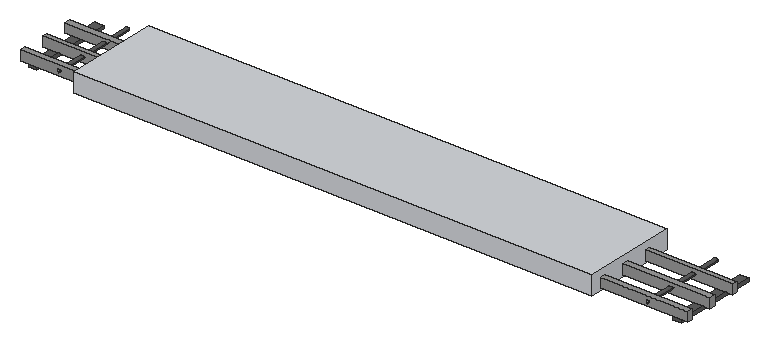
Revit family "1212-3, Solid", category Generic Models, host Face, Revit 2020
Family settings
  Host = Face
  Can host rebar = No
  Round Connector Dimension = Use Diameter
  Part Type = Normal
  Cut with Voids When Loaded = No
  Shared = No
  Room Calculation Point = No
Parameters
  min_value [instance] = 1' - 11 1/4"  # constant formula
  max_value [instance] = 11' - 11 1/4"  # constant formula
  actual_value [instance] = if(NET LENGTH < min_value, min_value, if(NET LENGTH > max_value, max_value, NET LENGTH))  # 7' - 11 1/4"
  NET LENGTH [instance] = 7' - 11 1/4"
  IMPORTANT NOTE!!!                                                                             *Backer & dowel layout is for visualization purposes only, final layout to be determined by 9Wood. [instance] = ""
  Default Elevation = 4' - 0"
  DOWEL RADIUS [instance] = 0' - 0 1/4"  # constant formula
  BACKING M MATERIAL [instance] = BLACK-BACKERS
  .. MEMBER WIDTH [instance] = 0' - 0 3/4"  # constant formula
  .. MEMBER MATERIAL [instance] = Solid Western Hemlock
  .. MEMBER DEPTH [instance] = 0' - 1 3/8"  # constant formula
  .. MEMBER COUNT [instance] = 3  # constant formula
Reference planes (in)
  plane 1 "Center (Front/Back)": y = 0
  plane 2: z = 2.726
  plane 3 "Center (Left/Right)": x = 0
Forms (in)
  Extrusion 1, solid
    sketch origin (15, -0.86619, -0.99308) x (0, 1, 0) y (-1, 0, 0)
      loop
        line (3.42869, -23.66817) -> (3.42869, 50.25) -> (-10, 50.25) -> (-10, -23.66817) -> (3.42869, -23.66817)
    from 3.71908 to 1.00111
Dimensions and locks (in)
  aligned and locked: plane 2 to Extrusion 1
Nested families (in)
  nested 1: "1200 Series" at (-44, -2, 1.87867), NET LENGTH <- "actual_value", DOWEL RADII <- "DOWEL RADIUS", .. MEMBER WIDTH <- ".. MEMBER WIDTH", .. MEMBER DEPTH <- ".. MEMBER DEPTH", .. MEMBER MATERIAL <- ".. MEMBER MATERIAL", BACKING M MATERIAL <- "BACKING M MATERIAL", .. MEMBER COUNT <- ".. MEMBER COUNT", type "1200 Series"
    with X 7' - 4", WIDTH 1' - 0 1/16", Space 0' - 0 11/16", START 0' - 0 3/8", SCRIM MATERIAL SCRIM, SCRIM 3 8' - 1", SCRIM 2 0' - 0 7/8", SCRIM 1 0' - 0 3/32", SCRIM yes, NET LENGTH 7' - 11 1/4", N 8, INSET 3 0' - 0 3/16", INSET 0' - 1", INDEX 0' - 5 5/8", END BACKER yes, DOWEL RADII 0' - 0 1/4", DOWEL COUNT 8, BACKING M WIDTH 0' - 1 1/4", BACKING M MATERIAL BLACK-BACKERS, BACKING M LENGTH 0' - 11 7/8", BACKING M DEPTH 0' - 0 1/2", .. MEMBER WIDTH 0' - 0 3/4", .. MEMBER OC TYP 0' - 4", .. MEMBER MATERIAL Solid Western Hemlock, .. MEMBER DEPTH 0' - 1 3/8", .. MEMBER COUNT 3
Definition of nested family "1200 Series"
  Parameters (values of type "1200 Series")
    X [instance] = NET LENGTH - (0' 3 5/8" * 2)  # 6' - 2"
    WIDTH [instance] = 1' - 0 1/16"
    Space [instance] = 0' - 0 11/16"  # constant formula
    START [instance] = .. MEMBER WIDTH / 2  # 0' - 0 3/8"
    SCRIM MATERIAL [instance] = none
    SCRIM 3 [instance] = NET LENGTH + (SCRIM 2 * 2)  # 6' - 11"
    SCRIM 2 [instance] = 0' - 0 7/8"
    SCRIM 1 [instance] = 0' - 0 3/32"
    SCRIM [instance] = yes
    NET LENGTH [instance] = 6' - 9 1/4"
    N [instance] = if((X - (rounddown(X / 1' 0") * 1' 0")) > 1' 0", rounddown(X / 1' 0") + 2, rounddown(X / 1' 0") + 1)  # 7
    INSET 3 [instance] = 0' - 0 3/16"
    INSET [instance] = 0' - 1"
    INDEX [instance] = (NET LENGTH - ((N - 1) * 1' 0")) / 2  # 0' - 4 5/8"
    END BACKER [instance] = yes
    Default Elevation = 0' - 0"
    DOWEL RADII [instance] = 0' - 0 1/4"
    DOWEL COUNT [instance] = N  # 7
    BACKING M WIDTH [instance] = 0' - 1 1/4"
    BACKING M MATERIAL [instance] = none
    BACKING M LENGTH [instance] = 0' - 11 7/8"
    BACKING M DEPTH [instance] = 0' - 0 1/2"
    .. MEMBER WIDTH [instance] = 0' - 0 3/4"
    .. MEMBER OC TYP [instance] = 1' 0" / .. MEMBER COUNT  # 0' - 3"
    .. MEMBER MATERIAL [instance] = none
    .. MEMBER DEPTH [instance] = 0' - 1 3/8"
    .. MEMBER COUNT [instance] = 4
  Reference planes (in)
    plane 1 "Center (Front/Back)": y = -7.5
    plane 2: z = 0
    plane 3 "Center (Left/Right)": x = 0
    plane 4: x = 1
    plane 5: x = 4.625
    plane 6: x = 81.25
    plane 7: x = 80.25
    plane 8: x = 16.625
    plane 9: y = -7.3125
    plane 10: y = -4.125
    plane 11: y = -7.125
    plane 12: y = 4.5625
    plane 13: y = -4.5
    plane 14: y = -7.59375
    plane 15: x = 82.125
    plane 16: y = 4.65625
    plane 17: x = -0.875
    plane 18: z = -1.375
    plane 19: z = -0.6875
  Lines and regions (in)
    model lines
      curve 1: line (4.375, -7.5, -0.6875) -> (4.875, -7.5, -0.6875)
    model lines, not visible
      curve 2: line (4.625, -7.5, -0.9375) -> (4.625, -7.5, -0.4375)
      curve 3: line (4.375, -7.5, -0.6875) -> (4.875, -7.5, -0.6875)
      curve 4: line (16.625, -7.5, -0.9375) -> (16.625, -7.5, -0.4375)
      curve 5: line (16.375, -7.5, -0.6875) -> (16.875, -7.5, -0.6875)
      curve 6: line (28.625, -7.5, -0.9375) -> (28.625, -7.5, -0.4375)
      curve 7: line (28.375, -7.5, -0.6875) -> (28.875, -7.5, -0.6875)
      curve 8: line (40.625, -7.5, -0.9375) -> (40.625, -7.5, -0.4375)
      curve 9: line (40.375, -7.5, -0.6875) -> (40.875, -7.5, -0.6875)
      curve 10: line (52.625, -7.5, -0.9375) -> (52.625, -7.5, -0.4375)
      curve 11: line (52.375, -7.5, -0.6875) -> (52.875, -7.5, -0.6875)
      curve 12: line (64.625, -7.5, -0.9375) -> (64.625, -7.5, -0.4375)
      curve 13: line (64.375, -7.5, -0.6875) -> (64.875, -7.5, -0.6875)
      curve 14: line (76.625, -7.5, -0.9375) -> (76.625, -7.5, -0.4375)
      curve 15: line (76.375, -7.5, -0.6875) -> (76.875, -7.5, -0.6875)
  Dimensions and locks (in)
    "NET LENGTH": plane 3 "Center (Left/Right)" to plane 6
    "INSET": plane 7 to plane 6
    "INDEX": plane 3 "Center (Left/Right)" to plane 5
    plane 5 to plane 8 = 1' - 0"
    "INSET 3": plane 1 "Center (Front/Back)" to plane 9
    equal spacing: group 1, group 2, group 3, group 4  (x3)
    "START": plane 11 to plane 1 "Center (Front/Back)"
    ".. MEMBER OC TYP": plane 10 to plane 11
    "WIDTH": plane 12 to plane 1 "Center (Front/Back)"
    "START": plane 10 to plane 13
    "SCRIM 1": plane 14 to plane 1 "Center (Front/Back)"
    "SCRIM 2": plane 6 to plane 15
    "SCRIM 1": plane 12 to plane 16
    "SCRIM 2": plane 17 to plane 3 "Center (Left/Right)"
    "INSET": plane 3 "Center (Left/Right)" to plane 4
    equal spacing: group 5, group 6, group 7, group 8, group 9, group 10, group 11  (x3)
    "Space": plane 19 to plane 18
    aligned and locked: level to plane 2
    aligned and locked: nested 1 to plane 4  (x2)
    aligned and locked: plane 7 to nested 2
    aligned and locked: plane 5 to nested 3
    aligned and locked: nested 1 to plane 9
    aligned and locked: plane 1 "Center (Front/Back)" to nested 4
    aligned and locked: plane 9 to nested 2
    aligned and locked: plane 13 to nested 5
    aligned and locked: nested 3 to plane 9
    aligned and locked: plane 18 to nested 1
    aligned and locked: plane 19 to nested 3
    aligned and locked: curve 1 to plane 19
    aligned and locked: plane 8 to curve 4
    aligned and locked: curve 5 to plane 19
    aligned and locked: nested 4 to plane 18
  Automatic sketch dimensions
    curve 1 to curve 1 = 0' - 0 1/2"
    curve 1 to plane 5 = 0' - 0 1/4"
    plane 5 to curve 1 = 0' - 0 1/4"
    curve 3 to curve 2 = 0' - 0 1/4"  (x2)
    curve 2 to curve 3 = 0' - 0 1/4"  (x2)
    curve 5 to curve 4 = 0' - 0 1/4"  (x2)
    curve 4 to curve 5 = 0' - 0 1/4"  (x2)
    curve 7 to curve 6 = 0' - 0 1/4"  (x2)
    curve 6 to curve 7 = 0' - 0 1/4"  (x2)
    curve 9 to curve 8 = 0' - 0 1/4"  (x2)
    curve 8 to curve 9 = 0' - 0 1/4"  (x2)
    curve 11 to curve 10 = 0' - 0 1/4"  (x2)
    curve 10 to curve 11 = 0' - 0 1/4"  (x2)
    curve 13 to curve 12 = 0' - 0 1/4"  (x2)
    curve 12 to curve 13 = 0' - 0 1/4"  (x2)
    curve 15 to curve 14 = 0' - 0 1/4"  (x2)
    curve 14 to curve 15 = 0' - 0 1/4"  (x2)
  Nested families (in)
    nested 1: "INSTANCE - 2ND -  EXTEND SIDE H CENTER W - Parametric Cube" at (1, -1.375, -1.375) x (0, -1, 0) z (0, 0, 1), Width <- "BACKING M LENGTH", Length <- "BACKING M WIDTH", Material <- "BACKING M MATERIAL", Height <- "BACKING M DEPTH", visible <- "END BACKER", type "INSTANCE - 2ND -  EXTEND SIDE H CENTER W - Parametric Cube"
      with Width 0' - 11 7/8", Material none, Length 0' - 1 1/4", Height 0' - 0 1/2"
    nested 2: "INSTANCE - 2ND -  EXTEND SIDE H CENTER W - Parametric Cube" at (80.25, -1.375, -1.375) x (0, -1, 0) z (0, 0, 1), Width <- "BACKING M LENGTH", Length <- "BACKING M WIDTH", Material <- "BACKING M MATERIAL", Height <- "BACKING M DEPTH", visible <- "END BACKER", type "INSTANCE - 2ND -  EXTEND SIDE H CENTER W - Parametric Cube"
      with Width 0' - 11 7/8", Material none, Length 0' - 1 1/4", Height 0' - 0 1/2"
    nested 3: "Family3" at (-5.375, -7.3125, -0.6875), DOWEL RADII <- "DOWEL RADII", BACKING MEM MATERIAL <- "BACKING M MATERIAL", type "Family3"
      with DOWEL RADII 0' - 0 1/4", DOWEL LENGTH 0' - 11 7/8", BACKING MEM MATERIAL none
    nested 4: "HOLED MEMBER" at (0, -18.75, 6.19404), DOWEL RADII <- "DOWEL RADII", .. MEMBER LENGTH <- "NET LENGTH", DOWEL COUNT <- "DOWEL COUNT", DEPTH <- ".. MEMBER DEPTH", .. MEMBER WIDTH <- ".. MEMBER WIDTH", Material <- ".. MEMBER MATERIAL", DOWEL INDEX <- "INDEX", Space 2 <- "Space", type "HOLED MEMBER"
      with Width 0' - 6", Space 2 0' - 0 11/16", Material none, Length 1' - 0", Height 0' - 10.43096", DOWEL RADII 0' - 0 1/4", DOWEL OC DIST 1' - 0", DOWEL INDEX 0' - 4 5/8", DOWEL COUNT 7, DEPTH 0' - 1 3/8", .. MEMBER WIDTH 0' - 0 3/4", .. MEMBER LENGTH 6' - 9 1/4"
    nested 5: "HOLED MEMBER" at (0, -15.75, 6.19404), DOWEL RADII <- "DOWEL RADII", .. MEMBER LENGTH <- "NET LENGTH", DOWEL COUNT <- "DOWEL COUNT", DEPTH <- ".. MEMBER DEPTH", .. MEMBER WIDTH <- ".. MEMBER WIDTH", Material <- ".. MEMBER MATERIAL", DOWEL INDEX <- "INDEX", Space 2 <- "Space", type "HOLED MEMBER"
      with Width 0' - 6", Space 2 0' - 0 11/16", Material none, Length 1' - 0", Height 0' - 10.43096", DOWEL RADII 0' - 0 1/4", DOWEL OC DIST 1' - 0", DOWEL INDEX 0' - 4 5/8", DOWEL COUNT 7, DEPTH 0' - 1 3/8", .. MEMBER WIDTH 0' - 0 3/4", .. MEMBER LENGTH 6' - 9 1/4"
    nested 6: "HOLED MEMBER" at (0, -12.75, 6.19404), DOWEL RADII <- "DOWEL RADII", .. MEMBER LENGTH <- "NET LENGTH", DOWEL COUNT <- "DOWEL COUNT", DEPTH <- ".. MEMBER DEPTH", .. MEMBER WIDTH <- ".. MEMBER WIDTH", Material <- ".. MEMBER MATERIAL", DOWEL INDEX <- "INDEX", Space 2 <- "Space", type "HOLED MEMBER"
      with Width 0' - 6", Space 2 0' - 0 11/16", Material none, Length 1' - 0", Height 0' - 10.43096", DOWEL RADII 0' - 0 1/4", DOWEL OC DIST 1' - 0", DOWEL INDEX 0' - 4 5/8", DOWEL COUNT 7, DEPTH 0' - 1 3/8", .. MEMBER WIDTH 0' - 0 3/4", .. MEMBER LENGTH 6' - 9 1/4"
    nested 7: "HOLED MEMBER" at (0, -9.75, 6.19404), DOWEL RADII <- "DOWEL RADII", .. MEMBER LENGTH <- "NET LENGTH", DOWEL COUNT <- "DOWEL COUNT", DEPTH <- ".. MEMBER DEPTH", .. MEMBER WIDTH <- ".. MEMBER WIDTH", Material <- ".. MEMBER MATERIAL", DOWEL INDEX <- "INDEX", Space 2 <- "Space", type "HOLED MEMBER"
      with Width 0' - 6", Space 2 0' - 0 11/16", Material none, Length 1' - 0", Height 0' - 10.43096", DOWEL RADII 0' - 0 1/4", DOWEL OC DIST 1' - 0", DOWEL INDEX 0' - 4 5/8", DOWEL COUNT 7, DEPTH 0' - 1 3/8", .. MEMBER WIDTH 0' - 0 3/4", .. MEMBER LENGTH 6' - 9 1/4"
    nested 8: "Family3" at (6.625, -7.3125, -0.6875), DOWEL RADII <- "DOWEL RADII", BACKING MEM MATERIAL <- "BACKING M MATERIAL", type "Family3"
      with DOWEL RADII 0' - 0 1/4", DOWEL LENGTH 0' - 11 7/8", BACKING MEM MATERIAL none
    nested 9: "Family3" at (18.625, -7.3125, -0.6875), DOWEL RADII <- "DOWEL RADII", BACKING MEM MATERIAL <- "BACKING M MATERIAL", type "Family3"
      with DOWEL RADII 0' - 0 1/4", DOWEL LENGTH 0' - 11 7/8", BACKING MEM MATERIAL none
    nested 10: "Family3" at (30.625, -7.3125, -0.6875), DOWEL RADII <- "DOWEL RADII", BACKING MEM MATERIAL <- "BACKING M MATERIAL", type "Family3"
      with DOWEL RADII 0' - 0 1/4", DOWEL LENGTH 0' - 11 7/8", BACKING MEM MATERIAL none
    nested 11: "Family3" at (42.625, -7.3125, -0.6875), DOWEL RADII <- "DOWEL RADII", BACKING MEM MATERIAL <- "BACKING M MATERIAL", type "Family3"
      with DOWEL RADII 0' - 0 1/4", DOWEL LENGTH 0' - 11 7/8", BACKING MEM MATERIAL none
    nested 12: "Family3" at (54.625, -7.3125, -0.6875), DOWEL RADII <- "DOWEL RADII", BACKING MEM MATERIAL <- "BACKING M MATERIAL", type "Family3"
      with DOWEL RADII 0' - 0 1/4", DOWEL LENGTH 0' - 11 7/8", BACKING MEM MATERIAL none
    nested 13: "Family3" at (66.625, -7.3125, -0.6875), DOWEL RADII <- "DOWEL RADII", BACKING MEM MATERIAL <- "BACKING M MATERIAL", type "Family3"
      with DOWEL RADII 0' - 0 1/4", DOWEL LENGTH 0' - 11 7/8", BACKING MEM MATERIAL none
  Definition of nested family "INSTANCE - 2ND -  EXTEND SIDE H CENTER W - Parametric Cube"
    Parameters (values of type "INSTANCE - 2ND -  EXTEND SIDE H CENTER W - Parametric Cube")
      Width [instance] = 0' - 6"
      Material [instance] = none
      Length [instance] = 1' - 0"
      Height [instance] = 1' - 6"
      Default Elevation = 0' - 0"
    Reference planes (in)
      plane 1 "Center (Front/Back)": y = 0
      plane 2: z = 0
      plane 3 "Center (Left/Right)": x = 0
      plane 4: x = -3
      plane 5: x = 3
      plane 6: y = 12
      plane 7: z = -18
    Forms (in)
      Extrusion 1, solid, material <- "Material"
        sketch origin (0, 6, 0) x (1, 0, 0) y (0, 1, 0)
          loop
            line (-3, 6) -> (-3, -6) -> (3, -6) -> (3, 6) -> (-3, 6)
        from -18 to 0
    Dimensions and locks (in)
      equal spacing: plane 4, plane 3 "Center (Left/Right)", plane 5
      "Width": plane 4 to plane 5
      "Height": plane 7 to level
      "Length": plane 1 "Center (Front/Back)" to plane 6
      aligned and locked: plane 2 to level
      aligned and locked: plane 4 to Extrusion 1 sketch curve
      aligned and locked: Extrusion 1 sketch curve to plane 5
      aligned and locked: Extrusion 1 to plane 7
      aligned and locked: plane 6 to Extrusion 1
    Automatic sketch dimensions
      plane 1 "Center (Front/Back)" to Extrusion 1 sketch curve = 0' - 0"
      plane 6 to Extrusion 1 sketch curve = 0' - 0"
  Definition of nested family "Family3"
    Parameters (values of type "Family3")
      Default Elevation = 0' - 0"
      DOWEL RADII [instance] = 0' - 0 5/8"
      DOWEL LENGTH [instance] = 0' - 5"
      BACKING MEM MATERIAL [instance] = none
    Reference planes (in)
      plane 1 "Center (Front/Back)": y = 0
      plane 2: z = 0
      plane 3 "Center (Left/Right)": x = 0
      plane 4: y = 5
    Forms (in)
      Extrusion 1, solid, material <- "BACKING MEM MATERIAL"
        sketch origin (10, 0, 0) x (1, 0, 0) y (0, 0, 1)
          loop
            circle (0, 0) r 0.625
        from 0 to -5
      Extrusion 2, solid, not visible
        sketch origin (0, 0, 0) x (1, 0, 0) y (0, 0, 1)
          loop
            circle (0, 0) r 0.625
        from 0 to 12
      Extrusion 3, solid, not visible
        sketch origin (10, 0, 0) x (1, 0, 0) y (0, 0, 1)
          loop
            circle (0, 0) r 0.625
        from 0 to 2.5
      Extrusion 4, solid, not visible
        sketch origin (10, 0, 0) x (1, 0, 0) y (0, 0, 1)
          loop
            circle (0, 0) r 0.625
        from 0 to -12
    Lines and regions (in)
      model lines, not visible
        curve 1: line (-13, 0, 0) -> (-13, -12, 0)
        curve 2: line (13, 0, 0) -> (13, -12, 0)
        curve 3: line (9.89453, 0, 0) -> (10.08794, 0, 0)
        curve 4: line (9.89453, -2.5, 0) -> (10.08794, -2.5, 0)
        curve 6: line (10, 0, 0) -> (10, 2, 0)
      model lines
        curve 5: line (10, 0, 0) -> (10, 2, 0)
    Dimensions and locks (in)
      "DOWEL LENGTH": plane 1 "Center (Front/Back)" to plane 4
      "DOWEL RADII": radius of Extrusion 1 sketch curve
      "DOWEL RADII": radius of Extrusion 2 sketch curve
      "DOWEL RADII": radius of Extrusion 3 sketch curve
      "DOWEL RADII": radius of Extrusion 4 sketch curve
      "DOWEL RADII": radius of Extrusion 1
      aligned and locked: plane 2 to level
      aligned and locked: Extrusion 1 to plane 1 "Center (Front/Back)"  (x3)
      aligned and locked: plane 1 "Center (Front/Back)" to Extrusion 1
      aligned and locked: plane 4 to Extrusion 1
    Automatic sketch dimensions
      plane 1 "Center (Front/Back)" to curve 5 = 0' - 0"
      curve 5 to plane 1 "Center (Front/Back)" = 0' - 2"
      plane 3 "Center (Left/Right)" to curve 5 = 0' - 10"
      Extrusion 1 sketch curve to level = 0' - 0"
      plane 3 "Center (Left/Right)" to Extrusion 1 sketch curve = 0' - 10"
  Definition of nested family "HOLED MEMBER"
    Parameters (values of type "HOLED MEMBER")
      Width [instance] = 0' - 6"
      Space 2 [instance] = 0' - 0 5/8"
      Space = 0' - 0 5/8"
      Material [instance] = none
      Length [instance] = 1' - 0"
      Height [instance] = 0' - 10.43096"
      Default Elevation = 0' - 0"
      DOWEL RADII [instance] = 0' - 0.34537"
      DOWEL OC DIST [instance] = 1' - 0"
      DOWEL INSET = 0' - 0 5/8"
      DOWEL INDEX [instance] = 0' - 5 5/8"
      DOWEL COUNT [instance] = 6
      DEPTH [instance] = 0' - 2"
      .. MEMBER WIDTH [instance] = 0' - 0 5/8"
      .. MEMBER LENGTH [instance] = 5' - 11 3/4"
    Reference planes (in)
      plane 1 "Center (Front/Back)": y = 12
      plane 2: z = -7.56904
      plane 3 "Center (Left/Right)": x = 0
      plane 4: x = 5.625
      plane 5: x = 17.625
      plane 6: y = 11.375
      plane 7: x = 71.75
      plane 8: z = -6.94404
      plane 9: z = -5.56904
    Forms (in)
      Extrusion 1, solid, material <- "Material"
        sketch origin (0, 12, -13.56904) x (1, 0, 0) y (0, 0, 1)
          loop
            line (0, 6) -> (71.75, 6) -> (71.75, 8) -> (0, 8) -> (0, 6)
        from 0.625 to 0
      Extrusion 2, void
        sketch origin (0, 12, -18.31904) x (1, 0, 0) y (0, 0, 1)
          loop
            circle (5.625, 11.375) r 0.34537
        from 0 to 12
      Extrusion 3, void, not visible
        sketch origin (0, 1.25, 0) x (1, 0, 0) y (0, 1, 0)
          loop
            circle (5.625, 11.375) r 0.34537
        from 0 to 12
      Extrusion 4, void, not visible
        sketch origin (0, 1.25, 0) x (1, 0, 0) y (0, 1, 0)
          loop
            circle (5.625, 11.375) r 0.34537
        from 0 to 12
      Extrusion 5, void, not visible
        sketch origin (12, 1.25, 0) x (1, 0, 0) y (0, 1, 0)
          loop
            circle (5.625, 11.375) r 0.34537
        from 0 to 12
      Extrusion 6, void, not visible
        sketch origin (0, 12, -16.31904) x (1, 0, 0) y (0, 0, 1)
          loop
            circle (5.625, 11.375) r 0.34537
        from 0 to 12
      Extrusion 7, void, not visible
        sketch origin (12, 12, -16.31904) x (1, 0, 0) y (0, 0, 1)
          loop
            circle (5.625, 11.375) r 0.34537
        from 0 to 12
      Extrusion 8, void, not visible
        sketch origin (0, 12, -18.31904) x (1, 0, 0) y (0, 0, 1)
          loop
            circle (5.625, 11.375) r 0.34537
        from 0 to 12
      Extrusion 9, void
        sketch origin (12, 12, -18.31904) x (1, 0, 0) y (0, 0, 1)
          loop
            circle (5.625, 11.375) r 0.34537
        from 0 to 12
      Extrusion 10, void, not visible
        sketch origin (24, 12, -16.31904) x (1, 0, 0) y (0, 0, 1)
          loop
            circle (5.625, 11.375) r 0.34537
        from 0 to 12
      Extrusion 11, void, not visible
        sketch origin (36, 12, -16.31904) x (1, 0, 0) y (0, 0, 1)
          loop
            circle (5.625, 11.375) r 0.34537
        from 0 to 12
      Extrusion 12, void, not visible
        sketch origin (48, 12, -16.31904) x (1, 0, 0) y (0, 0, 1)
          loop
            circle (5.625, 11.375) r 0.34537
        from 0 to 12
      Extrusion 13, void, not visible
        sketch origin (60, 12, -16.31904) x (1, 0, 0) y (0, 0, 1)
          loop
            circle (5.625, 11.375) r 0.34537
        from 0 to 12
      Extrusion 14, void, not visible
        sketch origin (24, 1.25, 0) x (1, 0, 0) y (0, 1, 0)
          loop
            circle (5.625, 11.375) r 0.34537
        from 0 to 12
      Extrusion 15, void, not visible
        sketch origin (36, 1.25, 0) x (1, 0, 0) y (0, 1, 0)
          loop
            circle (5.625, 11.375) r 0.34537
        from 0 to 12
      Extrusion 16, void, not visible
        sketch origin (48, 1.25, 0) x (1, 0, 0) y (0, 1, 0)
          loop
            circle (5.625, 11.375) r 0.34537
        from 0 to 12
      Extrusion 17, void, not visible
        sketch origin (60, 1.25, 0) x (1, 0, 0) y (0, 1, 0)
          loop
            circle (5.625, 11.375) r 0.34537
        from 0 to 12
      Extrusion 18, void
        sketch origin (24, 12, -18.31904) x (1, 0, 0) y (0, 0, 1)
          loop
            circle (5.625, 11.375) r 0.34537
        from 0 to 12
      Extrusion 19, void
        sketch origin (36, 12, -18.31904) x (1, 0, 0) y (0, 0, 1)
          loop
            circle (5.625, 11.375) r 0.34537
        from 0 to 12
      Extrusion 20, void
        sketch origin (48, 12, -18.31904) x (1, 0, 0) y (0, 0, 1)
          loop
            circle (5.625, 11.375) r 0.34537
        from 0 to 12
      Extrusion 21, void
        sketch origin (60, 12, -18.31904) x (1, 0, 0) y (0, 0, 1)
          loop
            circle (5.625, 11.375) r 0.34537
        from 0 to 12
    Cuts and joins
      Extrusion 2, Extrusion 9, Extrusion 18, Extrusion 19, Extrusion 20, Extrusion 21 cuts Extrusion 1
    Lines and regions (in)
      model lines, not visible
        curve 1: line (5.625, 11.72037, 0) -> (5.625, 11.02963, 0)
        curve 2: line (5.625, 11.72037, 0) -> (5.625, 11.02963, 0)
        curve 3: line (17.625, 11.72037, 0) -> (17.625, 11.02963, 0)
        curve 4: line (5.625, 12, -7.56904) -> (5.625, 11.87317, -7.56904)
        curve 5: line (5.625, 11.87317, -7.56904) -> (5.06195, 11.87317, -7.56904)
        curve 6: line (5.06195, 11.87317, -7.56904) -> (5.27963, 11.375, -7.56904)
        curve 7: line (0, 12, -6.19404) -> (0, 11.61951, -6.19404)
        curve 8: line (0, 11.375, -8.19404) -> (0, 11.6747, -8.19404)
        curve 9: line (5.625, 12, -7.56904) -> (5.625, 11.69863, -7.56904)
        curve 11: line (5.625, 12, 0) -> (5.625, 12, 0.30137)
        curve 12: line (5.625, 12, 0) -> (5.625, 12, 0.30137)
        curve 13: line (17.625, 12, 0) -> (17.625, 12, 0.30137)
        curve 14: line (5.625, 12, -5.56904) -> (5.625, 11.69863, -5.56904)
        curve 15: line (17.625, 12, -5.56904) -> (17.625, 11.69863, -5.56904)
        curve 16: line (5.625, 12, -7.56904) -> (5.625, 11.69863, -7.56904)
        curve 18: line (29.625, 12, -5.56904) -> (29.625, 11.69863, -5.56904)
        curve 19: line (41.625, 12, -5.56904) -> (41.625, 11.69863, -5.56904)
        curve 20: line (53.625, 12, -5.56904) -> (53.625, 11.69863, -5.56904)
        curve 21: line (65.625, 12, -5.56904) -> (65.625, 11.69863, -5.56904)
        curve 22: line (29.625, 11.72037, 0) -> (29.625, 11.02963, 0)
        curve 23: line (29.625, 12, 0) -> (29.625, 12, 0.30137)
        curve 24: line (41.625, 11.72037, 0) -> (41.625, 11.02963, 0)
        curve 25: line (41.625, 12, 0) -> (41.625, 12, 0.30137)
        curve 26: line (53.625, 11.72037, 0) -> (53.625, 11.02963, 0)
        curve 27: line (53.625, 12, 0) -> (53.625, 12, 0.30137)
        curve 28: line (65.625, 11.72037, 0) -> (65.625, 11.02963, 0)
        curve 29: line (65.625, 12, 0) -> (65.625, 12, 0.30137)
        curve 35: line (5.27963, 12.625, 0) -> (5.97037, 12.625, 0)
        curve 36: line (5.27963, 12.625, 0) -> (5.97037, 12.625, 0)
        curve 37: line (17.27963, 12.625, 0) -> (17.97037, 12.625, 0)
        curve 38: line (5.27963, 12, -4.94404) -> (5.97037, 12, -4.94404)
        curve 39: line (17.27963, 12, -4.94404) -> (17.97037, 12, -4.94404)
        curve 40: line (5.27963, 12, -6.94404) -> (5.97037, 12, -6.94404)
        curve 42: line (29.27963, 12, -4.94404) -> (29.97037, 12, -4.94404)
        curve 43: line (41.27963, 12, -4.94404) -> (41.97037, 12, -4.94404)
        curve 44: line (53.27963, 12, -4.94404) -> (53.97037, 12, -4.94404)
        curve 45: line (65.27963, 12, -4.94404) -> (65.97037, 12, -4.94404)
        curve 46: line (29.27963, 12.625, 0) -> (29.97037, 12.625, 0)
        curve 47: line (41.27963, 12.625, 0) -> (41.97037, 12.625, 0)
        curve 48: line (53.27963, 12.625, 0) -> (53.97037, 12.625, 0)
        curve 49: line (65.27963, 12.625, 0) -> (65.97037, 12.625, 0)
        curve 54: line (0, 12, -6.94404) -> (0, 4.22059, -6.94404)
        curve 55: line (0, 12.625, 0) -> (0, 12.625, 7.77941)
        curve 56: line (0, 12.625, 0) -> (0, 12.625, 7.77941)
        curve 57: line (12, 12.625, 0) -> (12, 12.625, 7.77941)
        curve 58: line (0, 12, -4.94404) -> (0, 4.22059, -4.94404)
        curve 59: line (12, 12, -4.94404) -> (12, 4.22059, -4.94404)
        curve 60: line (0, 12, -6.94404) -> (0, 4.22059, -6.94404)
        curve 61: line (12, 12, -6.94404) -> (12, 4.22059, -6.94404)
        curve 62: line (24, 12, -4.94404) -> (24, 4.22059, -4.94404)
        curve 63: line (36, 12, -4.94404) -> (36, 4.22059, -4.94404)
        curve 64: line (48, 12, -4.94404) -> (48, 4.22059, -4.94404)
        curve 65: line (60, 12, -4.94404) -> (60, 4.22059, -4.94404)
        curve 66: line (24, 12.625, 0) -> (24, 12.625, 7.77941)
        curve 67: line (36, 12.625, 0) -> (36, 12.625, 7.77941)
        curve 68: line (48, 12.625, 0) -> (48, 12.625, 7.77941)
        curve 69: line (60, 12.625, 0) -> (60, 12.625, 7.77941)
        curve 70: line (24, 12, -6.94404) -> (24, 4.22059, -6.94404)
        curve 71: line (36, 12, -6.94404) -> (36, 4.22059, -6.94404)
        curve 72: line (48, 12, -6.94404) -> (48, 4.22059, -6.94404)
        curve 73: line (60, 12, -6.94404) -> (60, 4.22059, -6.94404)
      model lines
        curve 10: line (5.625, 12, -7.56904) -> (5.625, 11.69863, -7.56904)
        curve 17: line (17.625, 12, -7.56904) -> (17.625, 11.69863, -7.56904)
        curve 30: line (29.625, 12, -7.56904) -> (29.625, 11.69863, -7.56904)
        curve 31: line (41.625, 12, -7.56904) -> (41.625, 11.69863, -7.56904)
        curve 32: line (53.625, 12, -7.56904) -> (53.625, 11.69863, -7.56904)
        curve 33: line (65.625, 12, -7.56904) -> (65.625, 11.69863, -7.56904)
        curve 34: line (5.27963, 12, -6.94404) -> (5.97037, 12, -6.94404)
        curve 41: line (17.27963, 12, -6.94404) -> (17.97037, 12, -6.94404)
        curve 50: line (29.27963, 12, -6.94404) -> (29.97037, 12, -6.94404)
        curve 51: line (41.27963, 12, -6.94404) -> (41.97037, 12, -6.94404)
        curve 52: line (53.27963, 12, -6.94404) -> (53.97037, 12, -6.94404)
        curve 53: line (65.27963, 12, -6.94404) -> (65.97037, 12, -6.94404)
    Dimensions and locks (in)
      "DOWEL INDEX": plane 3 "Center (Left/Right)" to plane 4
      "DOWEL OC DIST": plane 4 to plane 5
      ".. MEMBER LENGTH": plane 3 "Center (Left/Right)" to plane 7
      equal spacing: group 3, group 4, group 17, group 18, group 19, group 20  (x3)
      equal spacing: group 7, group 8, group 13, group 14, group 15, group 16  (x3)
      equal spacing: group 1, group 12, group 21, group 22, group 23, group 24  (x3)
      ".. MEMBER WIDTH": plane 6 to plane 1 "Center (Front/Back)"
      "DEPTH": plane 9 to level
      "Space 2": plane 8 to level
      "DOWEL RADII": radius of Extrusion 2 sketch curve
      "DOWEL RADII": radius of Extrusion 3 sketch curve
      "DOWEL RADII": radius of Extrusion 4 sketch curve
      "DOWEL RADII": radius of Extrusion 5 sketch curve
      "DOWEL RADII": radius of Extrusion 6 sketch curve
      "DOWEL RADII": radius of Extrusion 7 sketch curve
      "DOWEL RADII": radius of Extrusion 8 sketch curve
      "DOWEL RADII": radius of Extrusion 9 sketch curve
      "DOWEL RADII": radius of Extrusion 10 sketch curve
      "DOWEL RADII": radius of Extrusion 11 sketch curve
      "DOWEL RADII": radius of Extrusion 12 sketch curve
      "DOWEL RADII": radius of Extrusion 13 sketch curve
      "DOWEL RADII": radius of Extrusion 14 sketch curve
      "DOWEL RADII": radius of Extrusion 15 sketch curve
      "DOWEL RADII": radius of Extrusion 16 sketch curve
      "DOWEL RADII": radius of Extrusion 17 sketch curve
      "DOWEL RADII": radius of Extrusion 18 sketch curve
      "DOWEL RADII": radius of Extrusion 19 sketch curve
      "DOWEL RADII": radius of Extrusion 20 sketch curve
      "DOWEL RADII": radius of Extrusion 21 sketch curve
      aligned and locked: level to plane 2
      aligned and locked: Extrusion 1 to plane 3 "Center (Left/Right)"  (x2)
      aligned and locked: plane 7 to cut or joined group of Extrusion 1, Extrusion 2, Extrusion 9, Extrusion 18, Extrusion 19, Extrusion 20, Extrusion 21  (x2)
      aligned and locked: cut or joined group of Extrusion 1, Extrusion 2, Extrusion 9, Extrusion 18, Extrusion 19, Extrusion 20, Extrusion 21 to plane 1 "Center (Front/Back)"  (x2)
      aligned and locked: cut or joined group of Extrusion 1, Extrusion 2, Extrusion 9, Extrusion 18, Extrusion 19, Extrusion 20, Extrusion 21 to plane 6  (x2)
      aligned and locked: plane 4 to curve 10
      aligned and locked: plane 5 to curve 17
      aligned and locked: plane 9 to cut or joined group of Extrusion 1, Extrusion 2, Extrusion 9, Extrusion 18, Extrusion 19, Extrusion 20, Extrusion 21  (x2)
      aligned and locked: cut or joined group of Extrusion 1, Extrusion 2, Extrusion 9, Extrusion 18, Extrusion 19, Extrusion 20, Extrusion 21 to level
      aligned and locked: plane 8 to Extrusion 2
      aligned and locked: curve 34 to plane 8
      aligned and locked: curve 41 to plane 8
      aligned and locked: level to curve 10
      aligned and locked: curve 10 to level
      aligned and locked: plane 8 to cut or joined group of Extrusion 1, Extrusion 2, Extrusion 9, Extrusion 18, Extrusion 19, Extrusion 20, Extrusion 21
      aligned and locked: curve 54 to plane 8
    Automatic sketch dimensions
      curve 1 to curve 1 = 0' - 0.69074"
      curve 2 to curve 2 = 0' - 0.69074"
      curve 3 to curve 3 = 0' - 0.69074"
      Extrusion 1 sketch curve to plane 3 "Center (Left/Right)" = 0' - 0"
      Extrusion 1 sketch curve to plane 7 = 0' - 0"
      Extrusion 1 sketch curve to Extrusion 1 sketch curve = 0' - 2"
      level to Extrusion 1 sketch curve = 0' - 0"
      curve 9 to curve 9 = 0' - 0.30137"
      curve 10 to curve 10 = 0' - 0.30137"
      curve 11 to curve 11 = 0' - 0.30137"
      curve 12 to curve 12 = 0' - 0.30137"
      curve 13 to curve 13 = 0' - 0.30137"
      curve 14 to curve 14 = 0' - 0.30137"
      curve 15 to curve 15 = 0' - 0.30137"
      curve 16 to curve 16 = 0' - 0.30137"
      curve 17 to curve 17 = 0' - 0.30137"
      curve 18 to curve 18 = 0' - 0.30137"
      curve 19 to curve 19 = 0' - 0.30137"
      curve 20 to curve 20 = 0' - 0.30137"
      curve 21 to curve 21 = 0' - 0.30137"
      curve 22 to curve 22 = 0' - 0.69074"
      curve 23 to curve 23 = 0' - 0.30137"
      curve 24 to curve 24 = 0' - 0.69074"
      curve 25 to curve 25 = 0' - 0.30137"
      curve 26 to curve 26 = 0' - 0.69074"
      curve 27 to curve 27 = 0' - 0.30137"
      curve 28 to curve 28 = 0' - 0.69074"
      curve 29 to curve 29 = 0' - 0.30137"
      curve 30 to curve 30 = 0' - 0.30137"
      curve 31 to curve 31 = 0' - 0.30137"
      curve 32 to curve 32 = 0' - 0.30137"
      curve 33 to curve 33 = 0' - 0.30137"
      curve 34 to curve 34 = 0' - 0.69074"
      curve 35 to curve 35 = 0' - 0.69074"
      curve 36 to curve 36 = 0' - 0.69074"
      curve 37 to curve 37 = 0' - 0.69074"
      curve 38 to curve 38 = 0' - 0.69074"
      curve 39 to curve 39 = 0' - 0.69074"
      curve 40 to curve 40 = 0' - 0.69074"
      curve 41 to curve 41 = 0' - 0.69074"
      curve 42 to curve 42 = 0' - 0.69074"
      curve 43 to curve 43 = 0' - 0.69074"
      curve 44 to curve 44 = 0' - 0.69074"
      curve 45 to curve 45 = 0' - 0.69074"
      curve 46 to curve 46 = 0' - 0.69074"
      curve 47 to curve 47 = 0' - 0.69074"
      curve 48 to curve 48 = 0' - 0.69074"
      curve 49 to curve 49 = 0' - 0.69074"
      curve 50 to curve 50 = 0' - 0.69074"
      curve 51 to curve 51 = 0' - 0.69074"
      curve 52 to curve 52 = 0' - 0.69074"
      curve 53 to curve 53 = 0' - 0.69074"
      curve 54 to curve 54 = 0' - 7.77941"
      curve 55 to curve 55 = 0' - 7.77941"
      curve 56 to curve 56 = 0' - 7.77941"
      curve 57 to curve 57 = 0' - 7.77941"
      curve 58 to curve 58 = 0' - 7.77941"
      curve 59 to curve 59 = 0' - 7.77941"
      curve 60 to curve 60 = 0' - 7.77941"
      curve 61 to curve 61 = 0' - 7.77941"
      curve 62 to curve 62 = 0' - 7.77941"
      curve 63 to curve 63 = 0' - 7.77941"
      curve 64 to curve 64 = 0' - 7.77941"
      curve 65 to curve 65 = 0' - 7.77941"
      curve 66 to curve 66 = 0' - 7.77941"
      curve 67 to curve 67 = 0' - 7.77941"
      curve 68 to curve 68 = 0' - 7.77941"
      curve 69 to curve 69 = 0' - 7.77941"
      curve 70 to curve 70 = 0' - 7.77941"
      curve 71 to curve 71 = 0' - 7.77941"
      curve 72 to curve 72 = 0' - 7.77941"
      curve 73 to curve 73 = 0' - 7.77941"
